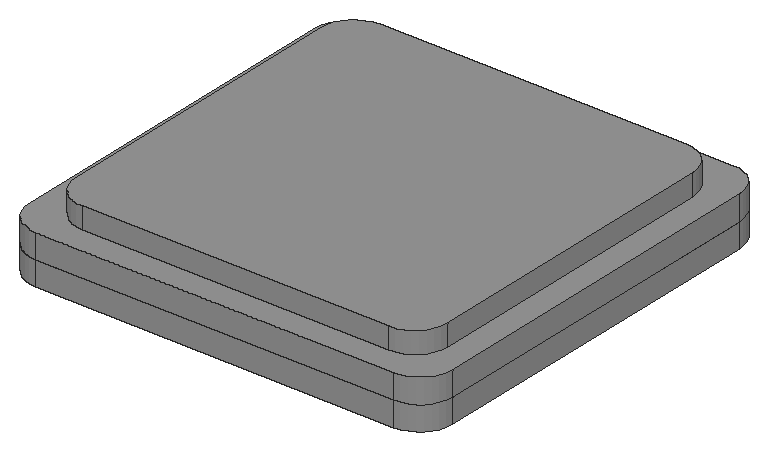
Revit family "FMS2_63_UN_Surface-mounted_ETK", category Lighting Fixtures, Revit 2019 (continued)
Definition of nested family "FMS.2 - Lightsource"
  Types (14, lengths in mm): name | Wattage Comments | Wattage | built-in parameter 1150134 | Photometric Web File | built-in parameter 1150142 | built-in parameter 1150105 | Lumens | built-in parameter 1150107 | built-in parameter 1150106 | Apparent Load
      029\r\n129.7917\t123.2377\t116.8268\t110.5018\t104.1768\t97.9949\t91.9274\t85.9745\t80.136\t74.3834\r\n69.2032\t64.2519\t59.3579\t54.5211\t49.7416\t42.1573\t24.6733\t7.1321\t0\t0\r\n0\r\n985.6728\t985.1004\t984.528\t983.9556\t983.3832\t982.8108\t982.2384\t981.3798\t980.5212\t979.6626\r\n978.804\t977.6592\t976.2282\t974.7972\t973.3662\t971.9352\t970.5042\t969.0732\t967.356\t965.925\r\n964.2078\t962.4906\t960.4872\t958.1976\t956.1942\t953.9046\t951.615\t948.753\t946.1772\t943.8876\r\n941.598\t938.736\t935.874\t933.012\t930.4362\t927.5742\t924.9984\t921.564\t918.4158\t914.9814\r\n911.8332\t908.3988\t904.6782\t901.2438\t897.5232\t893.8026\t890.3682\t886.6476\t882.6408\t878.9202\r\n875.1996\t871.1928\t867.186\t862.893\t858.3138\t853.4484\t848.2968\t843.4314\t838.2798\t833.4144\r\n828.2628\t823.3974\t818.2458\t812.808\t807.3702\t801.9324\t796.7808\t791.343\t785.619\t779.895\r\n774.4572\t769.0194\t763.0092\t757.2852\t751.5612\t745.8372\t739.827\t734.103\t728.0928\t722.0826\r\n716.0724\t710.0622\t704.052\t698.0418\t692.0316\t685.7352\t679.725\t673.4286\t667.1322\t660.5496\r\n654.2532\t647.9568\t641.6604\t635.364\t628.4952\t621.3402\t613.899\t606.744\t599.589\t592.434\r\n585.279\t577.5516\t570.1104\t562.9554\t555.8004\t548.3592\t540.6318\t533.1906\t525.7494\t518.5944\r\n511.1532\t503.712\t496.2708\t488.8296\t481.3884\t473.9472\t466.2198\t458.7786\t451.6236\t443.8962\r\n435.8826\t427.869\t419.8554\t411.8418\t403.8282\t396.1008\t388.3734\t380.3598\t372.3462\t364.6188\r\n356.8914\t349.164\t341.4366\t333.9954\t326.268\t318.8268\t311.0994\t302.7996\t294.2136\t286.0569\r\n277.8716\t269.8294\t261.8158\t253.888\t245.9889\t238.147\t230.391\t222.7208\t215.1652\t207.495\r\n199.9966\t192.584\t185.2859\t178.0736\t170.9186\t163.8495\t156.8662\t149.9974\t143.1286\t136.2884\r\n129.5341\t122.8657\t116.3117\t109.8149\t103.4041\t97.079\t90.983\t85.5166\t80.136\t74.7841\r\n69.4607\t64.1947\t58.9858\t53.777\t39.467\t24.1467\t8.7949\t0\t0\t0\r\n0\r\n985.6728\t985.1004\t984.2418\t983.6694\t983.097\t982.5246\t981.666\t981.0936\t980.235\t979.3764\r\n978.2316\t977.373\t975.942\t974.2248\t972.7938\t971.3628\t969.9318\t968.5008\t967.0698\t965.3526\r\n963.6354\t961.9182\t960.201\t957.9114\t955.908\t953.9046\t951.615\t949.0392\t946.4634\t943.8876\r\n941.598\t939.3084\t936.4464\t933.5844\t930.7224\t928.1466\t925.2846\t922.7088\t919.5606\t916.4124\r\n913.2642\t909.8298\t906.6816\t903.2472\t899.5266\t896.0922\t891.7992\t887.5062\t883.2132\t878.9202\r\n874.6272\t870.048\t865.4688\t861.1758\t856.3104\t851.445\t846.2934\t841.428\t836.5626\t831.411\r\n826.5456\t821.394\t816.2424\t811.377\t806.5116\t801.36\t795.9222\t790.4844\t785.3328\t780.1812\r\n774.7434\t769.3056\t763.8678\t758.43\t752.9922\t747.2682\t741.5442\t735.8202\t730.0962\t724.3722\r\n718.6482\t712.9242\t706.6278\t699.759\t693.1764\t686.3076\t679.725\t673.1424\t666.5598\t659.691\r\n652.8222\t645.9534\t639.0846\t631.9296\t625.0608\t618.192\t611.3232\t604.4544\t597.5856\t590.4306\r\n583.5618\t576.4068\t569.538\t562.6692\t555.5142\t548.3592\t541.2042\t534.3354\t526.8942\t519.1668\r\n511.7256\t503.712\t495.9846\t488.2572\t480.5298\t473.0886\t465.3612\t457.92\t450.1926\t442.4652\r\n434.7378\t427.2966\t419.5692\t412.4142\t404.973\t397.2456\t389.8044\t381.7908\t373.491\t365.1912\r\n357.1776\t348.8778\t340.8642\t332.5644\t324.837\t316.8234\t308.8098\t300.7962\t292.7826\t284.8549\r\n277.0988\t269.3714\t261.4437\t253.516\t245.6455\t237.8322\t230.1334\t222.5205\t214.9934\t207.5236\r\n200.1397\t192.7843\t185.4862\t178.1595\t170.8614\t163.6492\t156.4942\t149.425\t142.4131\t135.4585\r\n128.5897\t121.7781\t115.0524\t108.756\t102.9748\t97.2508\t91.5554\t85.8886\t80.2505\t74.6696\r\n69.1173\t63.5936\t53.5194\t39.3239\t25.1141\t10.8899\t0\t0\t0\t0\r\n0\r\n985.6728\t985.1004\t984.2418\t983.6694\t982.8108\t982.2384\t981.3798\t980.8074\t979.6626\t978.804\r\n977.9454\t976.8006\t975.6558\t973.9386\t972.5076\t971.0766\t969.6456\t968.2146\t966.7836\t965.0664\r\n963.3492\t961.632\t959.9148\t958.1976\t956.1942\t953.9046\t951.9012\t949.6116\t947.0358\t944.46\r\n941.8842\t939.5946\t937.305\t934.7292\t931.8672\t929.2914\t926.7156\t923.8536\t921.2778\t918.1296\r\n914.409\t910.4022\t906.3954\t902.3886\t898.3818\t894.0888\t889.7958\t885.5028\t881.2098\t876.9168\r\n872.6238\t868.617\t864.0378\t859.4586\t854.8794\t850.5864\t846.0072\t841.1418\t836.2764\t831.411\r\n826.8318\t822.2526\t817.101\t811.9494\t806.7978\t801.9324\t797.067\t792.2016\t787.6224\t782.1846\r\n776.7468\t771.5952\t766.7298\t761.0058\t754.7094\t748.1268\t741.8304\t735.534\t729.5238\t722.9412\r\n716.6448\t710.3484\t703.7658\t697.1832\t690.8868\t684.3042\t677.7216\t671.4252\t664.8426\t658.26\r\n651.6774\t645.0948\t638.5122\t632.2158\t625.347\t618.7644\t611.8956\t605.313\t598.7304\t591.5754\r\n584.4204\t576.9792\t569.538\t562.0968\t554.9418\t547.5006\t540.0594\t532.6182\t525.177\t518.022\r\n510.5808\t503.1396\t495.9846\t488.5434\t481.1022\t473.9472\t466.7922\t459.6372\t452.196\t444.4686\r\n436.1688\t428.1552\t419.8554\t411.8418\t403.542\t395.5284\t387.5148\t379.7874\t371.7738\t363.7602\r\n355.7466\t347.733\t340.0056\t332.2782\t324.5508\t316.8234\t308.5236\t300.51\t292.4964\t284.6259\r\n276.7268\t268.8563\t261.043\t253.287\t245.5882\t237.9467\t230.3624\t222.8639\t215.3369\t207.724\r\n200.1683\t192.6412\t185.1714\t177.7302\t170.3749\t163.0481\t155.7787\t148.5664\t141.44\t134.3137\r\n127.8169\t121.7209\t115.6534\t109.6432\t103.633\t97.6801\t91.7557\t85.86\t79.9929\t74.1544\r\n67.7435\t54.1777\t40.6118\t27.0373\t13.4571\t0\t0\t0\t0\t0\r\n0\r\n985.6728\t984.8142\t984.2418\t983.3832\t982.8108\t981.9522\t981.0936\t980.5212\t979.3764\t978.5178\r\n977.373\t976.2282\t975.3696\t973.9386\t972.5076\t970.7904\t969.3594\t967.9284\t966.4974\t965.0664\r\n963.3492\t961.632\t959.9148\t958.1976\t956.4804\t954.477\t952.4736\t950.4702\t948.1806\t945.6048\r\n943.3152\t940.7394\t938.4498\t936.1602\t933.8706\t930.4362\t926.7156\t923.2812\t919.5606\t915.84\r\n912.1194\t908.685\t904.6782\t900.9576\t896.9508\t892.944\t888.651\t884.6442\t880.6374\t876.3444\r\n872.0514\t867.7584\t863.4654\t859.4586\t855.1656\t850.8726\t846.2934\t841.7142\t837.4212\t832.842\r\n828.2628\t823.3974\t818.532\t814.239\t809.946\t805.3668\t799.0704\t793.0602\t787.05\t781.0398\r\n775.3158\t769.5918\t763.8678\t757.8576\t751.8474\t745.551\t739.827\t733.8168\t727.8066\t721.7964\r\n715.5\t709.2036\t703.1934\t696.897\t690.8868\t684.8766\t678.8664\t672.57\t666.2736\t659.9772\r\n653.6808\t646.812\t639.657\t632.502\t625.6332\t618.4782\t611.3232\t604.1682\t597.0132\t590.1444\r\n582.9894\t575.8344\t568.6794\t561.5244\t554.6556\t547.5006\t540.6318\t533.4768\t526.3218\t519.1668\r\n512.298\t505.143\t497.7018\t489.6882\t481.6746\t473.661\t465.6474\t457.92\t449.9064\t442.179\r\n434.4516\t426.438\t418.7106\t410.697\t402.9696\t395.2422\t387.5148\t379.7874\t372.06\t364.3326\r\n356.0328\t348.0192\t340.0056\t331.992\t323.9784\t315.9648\t307.9512\t300.2238\t292.2102\t284.4542\r\n276.7268\t269.028\t261.3865\t253.8022\t246.0175\t238.147\t230.3624\t222.5777\t214.879\t207.1802\r\n199.5673\t191.9543\t184.4273\t176.9002\t169.459\t162.0178\t154.6339\t147.8223\t141.44\t135.115\r\n128.79\t122.5222\t116.2544\t110.0439\t103.8334\t97.6801\t91.5268\t85.4021\t79.2774\t69.289\r\n56.1238\t42.93\t29.7362\t16.5509\t3.3571\t0\t0\t0\t0\t0\r\n0\r\n985.6728\t984.8142\t983.9556\t983.3832\t982.5246\t981.666\t980.8074\t979.9488\t979.0902\t978.2316\r\n977.0868\t975.942\t974.7972\t973.9386\t972.2214\t970.7904\t969.3594\t967.9284\t966.4974\t965.0664\r\n963.3492\t961.9182\t960.201\t958.4838\t956.7666\t955.0494\t953.3322\t951.3288\t949.3254\t947.322\r\n945.0324\t942.1704\t938.736\t935.3016\t931.8672\t928.719\t925.2846\t921.8502\t918.1296\t914.6952\r\n910.9746\t907.254\t903.5334\t899.8128\t896.0922\t892.3716\t888.3648\t884.6442\t880.6374\t876.6306\r\n872.3376\t868.3308\t864.324\t860.6034\t856.3104\t852.0174\t847.7244\t843.7176\t839.7108\t835.4178\r\n829.98\t824.256\t818.8182\t813.3804\t807.9426\t802.2186\t796.4946\t790.7706\t785.3328\t779.895\r\n774.4572\t768.447\t762.4368\t756.7128\t750.9888\t744.9786\t739.2546\t733.5306\t727.8066\t722.0826\r\n716.0724\t710.3484\t704.3382\t698.6142\t692.604\t686.0214\t678.8664\t671.9976\t665.415\t658.5462\r\n651.6774\t645.0948\t638.226\t631.6434\t624.7746\t617.9058\t611.037\t604.1682\t597.2994\t590.4306\r\n583.5618\t576.693\t570.1104\t563.2416\t556.659\t549.7902\t542.0628\t534.3354\t526.3218\t518.5944\r\n510.867\t503.1396\t495.4122\t487.971\t480.2436\t472.5162\t464.7888\t457.0614\t449.334\t441.6066\r\n434.1654\t426.7242\t418.9968\t411.5556\t403.542\t395.5284\t387.5148\t379.5012\t371.4876\t363.474\r\n355.7466\t347.733\t339.7194\t331.992\t323.9784\t316.251\t308.5236\t300.7962\t293.0688\t285.2842\r\n277.385\t269.3428\t261.3578\t253.4301\t245.531\t237.6891\t229.8472\t222.0626\t214.2779\t206.5505\r\n198.8518\t191.1816\t183.5687\t175.9558\t168.6863\t162.0464\t155.4638\t148.8812\t142.3559\t135.8305\r\n129.3338\t122.8657\t116.4262\t109.9867\t103.5758\t97.1935\t90.8113\t84.4576\t71.9507\t59.0144\r\n46.0782\t33.142\t20.2143\t7.2781\t0\t0\t0\t0\t0\t0\r\n0\r\n985.6728\t984.8142\t983.9556\t983.097\t982.2384\t981.3798\t980.5212\t979.6626\t978.804\t977.9454\r\n976.8006\t975.6558\t974.511\t973.6524\t972.5076\t971.0766\t969.6456\t967.9284\t966.4974\t965.0664\r\n963.6354\t962.2044\t960.7734\t959.0562\t957.339\t955.908\t954.1908\t952.4736\t950.4702\t947.6082\r\n944.46\t941.3118\t937.8774\t934.443\t931.0086\t927.5742\t924.1398\t920.7054\t917.271\t913.8366\r\n910.4022\t906.9678\t903.2472\t899.8128\t896.0922\t892.3716\t888.651\t884.9304\t881.2098\t877.4892\r\n873.7686\t869.7618\t866.0412\t862.0344\t858.0276\t853.1622\t848.2968\t843.1452\t838.2798\t832.842\r\n827.6904\t822.5388\t817.101\t811.9494\t806.5116\t801.0738\t795.636\t790.1982\t784.7604\t779.3226\r\n773.8848\t768.447\t763.0092\t757.5714\t752.1336\t746.4096\t740.9718\t735.2478\t729.81\t723.5136\r\n716.931\t710.3484\t703.7658\t697.1832\t690.6006\t684.018\t677.4354\t670.8528\t664.5564\t657.9738\r\n651.3912\t644.8086\t638.226\t631.3572\t624.7746\t618.192\t611.8956\t605.313\t598.7304\t592.1478\r\n585.279\t577.8378\t570.1104\t562.6692\t555.228\t547.7868\t540.0594\t532.6182\t525.177\t517.4496\r\n510.0084\t502.281\t494.8398\t487.3986\t479.9574\t472.8024\t465.3612\t457.92\t450.4788\t442.7514\r\n434.7378\t426.7242\t418.7106\t410.697\t402.6834\t394.956\t386.9424\t378.9288\t371.2014\t363.474\r\n355.4604\t347.733\t340.0056\t332.2782\t324.5508\t316.8234\t308.8098\t300.7962\t292.7826\t284.7404\r\n276.7554\t268.7704\t260.8427\t252.9149\t245.0444\t237.1739\t229.3321\t221.4902\t213.6769\t205.8923\r\n198.1076\t190.3516\t183.3683\t176.5568\t169.7738\t162.9909\t156.2652\t149.5395\t142.8424\t136.1453\r\n129.5055\t122.8657\t116.2258\t109.6146\t103.0034\t96.4208\t88.5217\t75.7285\t62.9354\t50.1422\r\n37.3491\t24.556\t11.7657\t0\t0\t0\t0\t0\t0\t0\r\n0\r\n985.6728\t984.8142\t983.9556\t983.097\t982.2384\t981.3798\t980.5212\t979.6626\t978.804\t977.6592\r\n976.8006\t975.6558\t974.511\t973.3662\t972.2214\t971.0766\t969.6456\t968.2146\t967.0698\t965.6388\r\n964.2078\t962.4906\t961.0596\t959.6286\t958.1976\t956.7666\t955.0494\t952.1874\t949.0392\t946.1772\r\n943.029\t940.167\t937.0188\t933.8706\t930.7224\t927.288\t923.8536\t920.4192\t917.271\t913.8366\r\n910.4022\t906.9678\t903.5334\t900.099\t896.6646\t893.2302\t889.7958\t886.3614\t882.6408\t878.9202\r\n875.1996\t871.1928\t866.3274\t861.462\t856.5966\t851.7312\t846.5796\t841.7142\t836.5626\t831.411\r\n826.2594\t821.394\t816.2424\t811.0908\t806.2254\t801.0738\t795.9222\t790.7706\t785.619\t780.1812\r\n774.7434\t769.5918\t764.154\t759.0024\t753.5646\t747.2682\t740.9718\t734.6754\t728.379\t722.0826\r\n715.7862\t709.4898\t703.1934\t696.897\t690.3144\t684.018\t677.4354\t671.139\t664.8426\t658.26\r\n651.9636\t645.6672\t639.3708\t633.0744\t626.4918\t620.1954\t613.0404\t605.5992\t598.4442\t591.003\r\n583.5618\t576.4068\t568.9656\t561.5244\t554.0832\t546.642\t539.487\t532.0458\t524.6046\t517.4496\r\n510.0084\t502.8534\t495.4122\t488.2572\t480.816\t473.3748\t465.3612\t457.6338\t449.6202\t441.8928\r\n433.8792\t426.1518\t418.1382\t410.4108\t402.3972\t394.6698\t386.6562\t378.9288\t371.2014\t363.474\r\n355.7466\t348.0192\t340.578\t332.5644\t324.2646\t316.251\t308.2374\t300.2238\t292.2102\t284.1394\r\n276.183\t268.2266\t260.2703\t252.3425\t244.4148\t236.4871\t228.5879\t220.6888\t212.8183\t205.0909\r\n198.1363\t191.1816\t184.2556\t177.3295\t170.4321\t163.5633\t156.6945\t149.8257\t143.0141\t136.174\r\n129.3624\t122.5795\t115.7965\t109.0136\t102.2306\t93.1867\t80.4794\t67.7722\t55.0649\t42.3576\r\n29.6217\t16.9259\t4.2129\t0\t0\t0\t0\t0\t0\t0\r\n0\r\n985.6728\t984.8142\t983.9556\t983.097\t981.9522\t981.0936\t980.235\t979.3764\t978.5178\t977.6592\r\n976.5144\t975.6558\t974.511\t973.3662\t972.2214\t971.0766\t969.9318\t968.787\t967.356\t965.925\r\n964.7802\t963.3492\t961.9182\t960.4872\t959.0562\t956.7666\t953.9046\t951.0426\t948.1806\t945.0324\r\n942.1704\t939.0222\t936.1602\t933.012\t930.15\t927.0018\t923.8536\t920.7054\t917.5572\t914.1228\r\n910.9746\t907.5402\t904.392\t900.9576\t897.8094\t894.375\t891.2268\t887.7924\t884.0718\t879.2064\r\n874.6272\t869.7618\t865.1826\t860.3172\t855.4518\t850.5864\t845.721\t840.5694\t835.704\t831.1248\r\n826.2594\t821.394\t816.5286\t811.6632\t806.5116\t801.36\t796.4946\t791.6292\t786.4776\t781.6122\r\n776.4606\t770.7366\t764.7264\t758.43\t752.4198\t746.4096\t740.1132\t734.103\t727.8066\t721.5102\r\n715.2138\t708.9174\t702.9072\t696.6108\t690.3144\t684.3042\t678.0078\t671.9976\t665.7012\t659.691\r\n653.6808\t647.3844\t640.5156\t633.3606\t626.2056\t619.0506\t611.6094\t604.4544\t597.2994\t589.8582\r\n582.7032\t575.5482\t568.3932\t561.2382\t554.0832\t546.9282\t539.7732\t532.6182\t525.4632\t518.5944\r\n511.4394\t503.9982\t496.2708\t488.2572\t480.2436\t472.5162\t464.7888\t456.7752\t449.0478\t441.3204\r\n433.593\t425.8656\t418.1382\t410.4108\t402.6834\t394.956\t387.2286\t379.5012\t371.7738\t364.3326\r\n356.319\t348.0192\t340.0056\t331.992\t323.6922\t315.6786\t307.665\t299.6514\t291.6378\t283.6528\r\n275.6678\t267.6829\t259.7265\t251.7701\t243.8138\t235.886\t227.9869\t220.2595\t213.1904\t206.1212\r\n199.0807\t192.0402\t184.9997\t177.9878\t170.9759\t163.964\t156.9521\t149.9688\t142.9855\t136.0309\r\n129.0762\t122.1215\t115.1955\t108.2408\t98.8249\t86.1462\t73.4675\t60.8175\t48.1388\t35.4888\r\n22.8187\t10.1544\t0\t0\t0\t0\t0\t0\t0\t0\r\n0\r\n985.6728\t984.8142\t983.9556\t982.8108\t981.9522\t981.0936\t980.235\t979.3764\t978.2316\t977.373\r\n976.5144\t975.6558\t974.511\t973.3662\t972.2214\t971.0766\t969.9318\t968.787\t967.6422\t966.4974\r\n965.3526\t963.9216\t962.7768\t961.3458\t958.77\t955.908\t953.046\t950.184\t947.322\t944.1738\r\n941.3118\t938.4498\t935.5878\t932.7258\t929.5776\t926.7156\t923.5674\t920.7054\t917.5572\t914.6952\r\n911.547\t908.3988\t905.2506\t902.1024\t898.9542\t895.806\t891.7992\t887.22\t882.6408\t878.0616\r\n873.4824\t868.9032\t864.324\t859.4586\t854.8794\t850.014\t845.1486\t840.5694\t835.704\t831.1248\r\n826.5456\t821.6802\t817.101\t812.2356\t807.3702\t802.5048\t797.6394\t792.774\t787.3362\t781.6122\r\n775.602\t769.878\t763.8678\t757.5714\t751.5612\t745.551\t739.5408\t733.5306\t727.5204\t721.5102\r\n715.5\t709.776\t703.7658\t697.7556\t691.4592\t685.449\t679.4388\t673.4286\t667.7046\t660.8358\r\n653.6808\t646.5258\t639.3708\t632.2158\t625.0608\t618.192\t611.037\t603.882\t596.727\t589.8582\r\n582.7032\t575.8344\t568.6794\t561.8106\t554.6556\t547.5006\t540.6318\t533.4768\t526.608\t518.8806\r\n510.867\t503.1396\t495.4122\t487.6848\t479.9574\t472.23\t464.5026\t456.7752\t449.0478\t441.3204\r\n433.593\t426.1518\t418.4244\t410.697\t402.9696\t395.5284\t387.801\t380.0736\t371.7738\t363.7602\r\n355.7466\t347.733\t339.4332\t331.4196\t323.406\t315.3924\t307.3788\t299.3652\t291.3516\t283.3666\r\n275.3816\t267.3967\t259.4403\t251.4553\t243.499\t235.5712\t228.3876\t221.2612\t214.1062\t206.9798\r\n199.8535\t192.7557\t185.6579\t178.5602\t171.4624\t164.3933\t157.3241\t150.255\t143.1859\t136.1453\r\n129.0762\t122.0357\t115.0238\t105.9226\t93.1867\t80.4794\t67.7722\t55.0649\t42.3576\t29.6503\r\n16.9516\t4.2472\t0\t0\t0\t0\t0\t0\t0\t0\r\n0\r\n985.6728\t984.8142\t983.9556\t982.8108\t981.9522\t981.0936\t980.235\t979.0902\t978.2316\t977.373\r\n976.2282\t975.3696\t974.511\t973.6524\t972.5076\t971.649\t970.218\t969.0732\t967.9284\t966.7836\r\n965.6388\t964.494\t963.3492\t960.4872\t957.9114\t955.0494\t952.4736\t949.6116\t946.7496\t944.1738\r\n941.0256\t938.1636\t935.3016\t932.4396\t929.5776\t926.7156\t923.8536\t920.7054\t917.8434\t914.9814\r\n912.1194\t908.9712\t906.1092\t902.961\t899.8128\t895.2336\t890.9406\t886.3614\t882.0684\t877.4892\r\n872.91\t868.3308\t863.7516\t859.4586\t854.8794\t850.3002\t845.721\t840.8556\t836.2764\t831.6972\r\n827.118\t822.5388\t817.9596\t813.0942\t808.515\t803.9358\t797.9256\t792.2016\t786.1914\t780.1812\r\n774.4572\t768.7332\t762.723\t756.999\t751.275\t745.2648\t739.5408\t733.5306\t727.5204\t721.7964\r\n715.7862\t710.0622\t704.052\t698.328\t692.3178\t686.3076\t680.0112\t673.1424\t665.9874\t659.1186\r\n652.2498\t645.381\t638.226\t631.3572\t624.4884\t617.6196\t610.7508\t603.882\t596.727\t589.8582\r\n582.9894\t576.1206\t568.9656\t562.0968\t555.228\t548.073\t540.918\t533.1906\t525.4632\t518.022\r\n510.2946\t502.5672\t494.8398\t487.1124\t479.6712\t471.9438\t464.2164\t456.7752\t449.0478\t441.6066\r\n433.8792\t426.438\t418.7106\t411.2694\t403.542\t395.8146\t387.801\t379.7874\t371.4876\t363.474\r\n355.4604\t347.4468\t339.4332\t331.4196\t323.406\t315.3924\t307.3788\t299.3652\t291.3516\t283.2235\r\n275.2099\t267.1963\t259.2113\t251.2264\t243.6421\t236.4012\t229.189\t221.9767\t214.7645\t207.5522\r\n200.3686\t193.185\t186.0014\t178.8178\t171.6341\t164.4791\t157.2955\t150.1405\t143.0141\t135.8591\r\n128.7041\t121.5778\t113.5642\t100.8569\t88.121\t75.4137\t62.7064\t49.9991\t37.2919\t24.5674\r\n11.8573\t0\t0\t0\t0\t0\t0\t0\t0\t0\r\n0\r\n985.6728\t984.8142\t983.6694\t982.8108\t981.9522\t981.0936\t980.235\t979.0902\t978.2316\t977.373\r\n976.2282\t975.3696\t974.2248\t973.3662\t972.5076\t971.649\t970.5042\t969.6456\t968.787\t967.6422\r\n966.4974\t965.3526\t962.7768\t960.201\t957.339\t954.477\t951.9012\t949.0392\t946.4634\t943.6014\r\n941.0256\t938.1636\t935.3016\t932.7258\t92
